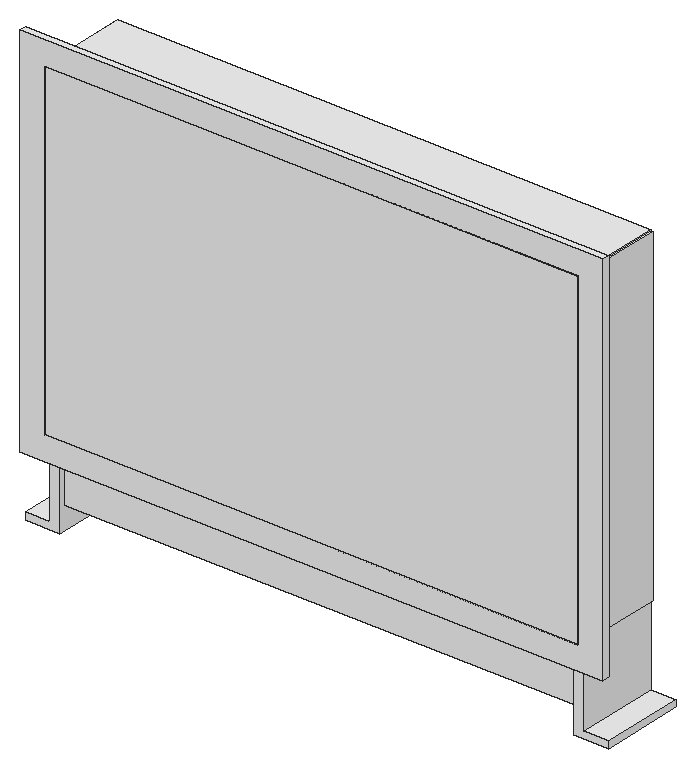
Revit family "1R553FPDB 1031IT_LOW FLOW", category Pipe Accessories, Revit 2018
Family settings
  Round Connector Dimension = Use Diameter
  Part Type = Normal
  OmniClass Number = 23.65.00.00
  OmniClass Title = Supply and Distribution of Liquids and Gases
  Work Plane-Based = No
  Always vertical = Yes
  Cut with Voids When Loaded = No
  Shared = No
Parameters (values of type "R553FPDB251")
  URL = "https://www.giacomini.com/en"
  T = 35 mm
  Product specification = "Pre-assembled modular manifold with dynamic balancing. Connections: 1” x 3/4”E. Consisting of: technopolymer delivery\r\nmanifold with fl ow meters with 0÷2,5 l/min scale and fl uid shut-off function; technopolymer return manifold with dynamic fl ow\r\nbalancing valves (membrane with red color) and manual handwheel pre-arranged for thermo-electric actuators. Multifunction\r\nvalves with drain cock, automatic air vent valve, thermometer and shut-off valve. EPDM gaskets. Galvanised steel brackets for\r\nmanifolds. Fluids: water, glycol solutions (max. 30%). Center distance between outlets: 50 mm. Temperature range: 5÷60 °C.\r\nMax. working pressure: 6 bar (10 bar for system testing). Max. diff erential pressure with thermo-electric actuators installed: 1,5\r\nbar. Flow rate setting range for each individual circuit: 20÷160 l/h. Working diff erential pressure range: 20÷60 kPa.\r\n\r\n"  # constant formula
  P = 450 mm
  O = 190 mm
  N = 179 mm
  Model = "R553FPDB251"
  Metal Door [instance] = yes
  Metal Box [instance] = yes
  Manufacturer = "Giacomini S.p.A."  # constant formula
  Manifold 9 = 438 mm
  Manifold 8 = 388 mm
  Manifold 7 = 338 mm
  Manifold 6 = 288 mm
  Manifold 5 = 238 mm
  Manifold 4 = 188 mm
  Manifold 3 = 138 mm
  Manifold 2 = 88 mm
  Manifold 12 = yes
  Manifold 11 = yes
  Manifold 10 = yes
  Manifold 09 = yes
  Manifold 08 = yes
  Manifold 07 = yes
  Manifold 06 = yes
  Manifold 05 = yes
  Manifold 03 = yes
  Manifold 04 = yes
  Manifold .12 = 538 mm
  Manifold .11 = 538 mm
  Manifold .10 = 488 mm
  M = 50 mm
  Logo [instance] = yes
  L1 = 868 mm
  L = 708 mm
  I = 50 mm
  H2 = 492 mm
  H1 = 562 mm
  H = 406.83 mm
  F = 109 mm
  E = 208 mm
  Description = "Preassembled manifold for HVAC systems"  # constant formula
  D = 95 mm
  Capitolato prodotto = "Collettore premontato modulare con bilanciamento dinamico della portata. Attacchi: G 1”F x 3/4”E. Composto da: un\r\ncollettore di mandata in tecnopolimero, con misuratori di portata con scala 0÷2,5 l/min, con funzione di intercettazione\r\ndel fl uido; un collettore di ritorno in tecnopolimero, con valvole di bilanciamento dinamico della portata con membrana di\r\ncolore rosso e volantino manuale, predisposte per comando elettrotermico; valvole multifunzione con rubinetto di scarico,\r\nvalvola automatica di sfogo aria e valvola di intercettazione a sfera. Guarnizioni in EPDM. Supporti collettori in acciaio zincato.\r\nFluidi di impiego: acqua, soluzioni glicolate (max. 30 %). Interasse tra gli stacchi 50 mm. Campo di temperatura 5÷60 °C.\r\nPressione massima di esercizio: 6 bar. Pressione diff erenziale massima con teste elettrotermiche montate: 1,5 bar. Campo\r\ndi regolazione della portata sul singolo circuito: 20÷160 l/h. Campo di pressione diff erenziale di funzionamento: 20÷60 kPa.\r\n"  # constant formula
  C = 43 mm
  Bracket [instance] = yes
  A = 165 mm
Reference planes
  plane 1 "Center (Front/Back)": y = 0
  plane 2: z = 0
  plane 3 "Center (Left/Right)": x = 0
  plane 4: y = -35
  plane 5: x = 38
  plane 6: z = 277.057
  plane 7: z = 59
  plane 8: x = 63
  plane 9: x = 513
  plane 10: x = 88
  plane 11: x = 138
  plane 12: x = 188
  plane 13: x = 238
  plane 14: x = 288
  plane 15: x = 338
  plane 16: x = 388
  plane 17: x = 438
  plane 18: x = 488
  plane 19: x = 538
  plane 20: y = -86
  plane 21: z = 69.057
  plane 22: z = 145.574
  plane 23: z = 195.574
  plane 24: y = -100
  plane 25: x = 341
  plane 26: x = -170.5
  plane 27: x = 85.25
  plane 28: z = 436.17
  plane 29: z = -55.83
  plane 30: z = 190.17
  plane 31: x = -127
  plane 32: z = -9.83
  plane 33: z = 64.057
  plane 34: x = -127
  plane 35: z = 85.17
  plane 36: x = 174.088
  plane 37: x = 581
Forms (mm)
  Extrusion 1, solid, material "Giacomini Box", visible <- "Metal Door"
    sketch origin (0, 0, 0) x (1, 0, 0) y (0, 0, 1)
      loop
        line (-170.5, 436.17) -> (-170.5, -55.83) -> (623.5, -55.83) -> (623.5, 436.17) -> (-170.5, 436.17)
    from 125 to 135
  Revolve 2, solid, material "Giacomini Gray"
    sketch origin (0, -36.815, 200.625) x (1, 0, 0) y (0, 0, 1)
      loop
        line (21.396, 76.43) -> (21.396, 95.421) -> (19.2, 95.421) -> (17.792, 96.829) -> (1.754, 96.829) -> (0.346, 95.421) -> (-2.5, 95.421) -> (-7.037, 90.884) -> (-37.986, 90.884) -> (-37.986, 76.43) -> (21.396, 76.43)
      axis (-37.986, 76.43) -> (21.396, 76.43)
    angle from 0 to 360
  Revolve 3, solid, material "Giacomini Gray"
    sketch origin (2.5, -54.315, 8.741) x (1, 0, 0) y (0, 0, 1)
      loop
        line (21.396, 76.43) -> (21.396, 95.421) -> (19.2, 95.421) -> (17.792, 96.829) -> (1.754, 96.829) -> (0.346, 95.421) -> (-2.5, 95.421) -> (-7.037, 90.884) -> (-40.486, 90.884) -> (-40.486, 76.43) -> (21.396, 76.43)
      axis (-40.486, 76.43) -> (21.396, 76.43)
    angle from 0 to 360
Dimensions and locks
  "T": plane 1 "Center (Front/Back)" to plane 4
  plane 6 to plane 21 = 208 mm
  "P": plane 8 to plane 9
  plane 10 to plane 5 = 50 mm
  "Manifold 3": plane 11 to plane 3 "Center (Left/Right)"
  "Manifold 4": plane 3 "Center (Left/Right)" to plane 12
  "Manifold 5": plane 3 "Center (Left/Right)" to plane 13
  "Manifold 6": plane 3 "Center (Left/Right)" to plane 14
  "Manifold 7": plane 3 "Center (Left/Right)" to plane 15
  "Manifold 8": plane 3 "Center (Left/Right)" to plane 16
  "Manifold 9": plane 3 "Center (Left/Right)" to plane 17
  "Manifold .10": plane 3 "Center (Left/Right)" to plane 18
  "Manifold .11": plane 3 "Center (Left/Right)" to plane 19
  "Manifold 2": plane 3 "Center (Left/Right)" to plane 10
  "M": plane 23 to plane 22
  nested 2 to plane 23 = 179 mm
  plane 10 to plane 11 = 50 mm
  locked: plane 3 "Center (Left/Right)" to nested 22 at 207.5
  equal spacing: plane 28, plane 30, plane 29
  equal spacing: plane 26, plane 27, plane 25
  "O": plane 31 to plane 8
  "H": nested 2 to plane 32
  "A": plane 5 to plane 31
  plane 8 to plane 25 = 278 mm  (x2)
  plane 8 to nested 24 = 190 mm
  plane 35 to plane 32 = 95 mm
  plane 36 to nested 23 = 301.088 mm
  "L": plane 37 to plane 31
  plane 1 "Center (Front/Back)" to nested 23 = 53.75 mm
  aligned and locked: level to plane 2
  aligned and locked: nested 2 to plane 8
  aligned and locked: plane 5 to nested 1
  aligned and locked: nested 4 to plane 11
  aligned and locked: nested 12 to plane 12
  aligned and locked: nested 5 to plane 12
  aligned and locked: nested 6 to plane 13
  aligned and locked: nested 13 to plane 13
  aligned and locked: nested 7 to plane 14
  aligned and locked: plane 14 to nested 14
  aligned and locked: nested 8 to plane 15
  aligned and locked: nested 15 to plane 15
  aligned and locked: nested 16 to plane 16
  aligned and locked: nested 17 to plane 17
  aligned and locked: nested 10 to plane 18
  aligned and locked: nested 18 to plane 18
  aligned and locked: nested 11 to plane 19
  aligned and locked: nested 19 to plane 19
  aligned and locked: nested 20 to plane 17
  aligned and locked: plane 16 to nested 21
  aligned and locked: Extrusion 1 sketch curve to nested 22  (x2)
  aligned and locked: nested 22 to Extrusion 1 sketch curve  (x2)
  aligned and locked: plane 26 to Extrusion 1
  aligned and locked: Extrusion 1 to plane 28
  aligned and locked: plane 29 to Extrusion 1
  aligned and locked: nested 22 to plane 26
  aligned and locked: Revolve 2 to nested 24
  aligned and locked: plane 5 to nested 9
  aligned and locked: plane 34 to nested 24
  aligned and locked: nested 23 to plane 34
  aligned and locked: plane 22 to nested 2
  aligned and locked: Revolve 3 to nested 23
  aligned and locked: nested 25 to plane 9
  aligned and locked: plane 11 to nested 26
  aligned and locked: plane 37 to nested 27
  aligned and locked: Extrusion 1 to nested 22
  aligned and locked: nested 28 to plane 37
  aligned and locked: plane 1 "Center (Front/Back)" to nested 2
  aligned and locked: plane 10 to nested 29
Automatic sketch dimensions
  plane 6 to Revolve 2 sketch curve = 0.002 mm  (x2)
  Revolve 2 sketch curve to plane 3 "Center (Left/Right)" = 37.986 mm
  Revolve 2 sketch curve to plane 3 "Center (Left/Right)" = 7.037 mm
  Revolve 2 sketch curve to plane 3 "Center (Left/Right)" = 2.5 mm
  plane 3 "Center (Left/Right)" to Revolve 2 sketch curve = 0.346 mm
  plane 3 "Center (Left/Right)" to Revolve 2 sketch curve = 1.754 mm
  Revolve 2 sketch curve to Revolve 2 sketch curve = 16.038 mm
  Revolve 2 sketch curve to Revolve 2 sketch curve = 1.408 mm  (x2)
  Revolve 2 sketch curve to plane 5 = 16.604 mm
  Revolve 2 sketch curve to plane 6 = 14.452 mm
  Revolve 2 sketch curve to plane 6 = 18.99 mm
  Revolve 2 sketch curve to Revolve 2 sketch curve = 4.537 mm
  Revolve 2 sketch curve to Revolve 2 sketch curve = 0 mm
  Revolve 2 sketch curve to Revolve 2 sketch curve = 7.123 mm
  Revolve 3 sketch curve to plane 35 = 0 mm  (x2)
  Revolve 3 sketch curve to plane 3 "Center (Left/Right)" = 0 mm
  Revolve 3 sketch curve to plane 3 "Center (Left/Right)" = 4.537 mm
  Revolve 3 sketch curve to Revolve 3 sketch curve = 33.449 mm
  Revolve 3 sketch curve to Revolve 3 sketch curve = 2.846 mm
  Revolve 3 sketch curve to Revolve 3 sketch curve = 1.408 mm  (x3)
  Revolve 3 sketch curve to Revolve 3 sketch curve = 16.038 mm
  Revolve 3 sketch curve to plane 5 = 14.104 mm
  Revolve 3 sketch curve to plane 35 = 14.454 mm
  Revolve 3 sketch curve to plane 35 = 18.992 mm
  Revolve 3 sketch curve to Revolve 3 sketch curve = 4.537 mm
  Revolve 3 sketch curve to Revolve 3 sketch curve = 2.5 mm
  Revolve 3 sketch curve to plane 5 = 6.98 mm
Nested families
  nested 1: "CAP" at (38, -60.219, 33.631), type "CAP"
  nested 2: "Bracket" at (63, 0, 18), visible <- "Bracket", type "Bracket"
  nested 3: "CAP" at (88, -60.219, 33.631), type "CAP"
  nested 4: "Inlet Regulator" at (138, -35, 215.298), visible <- "Manifold 03", type "Inlet Regulator"
  nested 5: "Inlet Regulator" at (188, -35, 215.298), visible <- "Manifold 04", type "Inlet Regulator"
  nested 6: "Inlet Regulator" at (238, -35, 215.298), visible <- "Manifold 05", type "Inlet Regulator"
  nested 7: "Inlet Regulator" at (288, -35, 215.298), visible <- "Manifold 06", type "Inlet Regulator"
  nested 8: "Inlet Regulator" at (338, -35, 215.298), visible <- "Manifold 07", type "Inlet Regulator"
  nested 9: "Inlet Regulator" at (38, -35, 215.298), type "Inlet Regulator"
  nested 10: "Inlet Regulator" at (488, -35, 215.298), visible <- "Manifold 10", type "Inlet Regulator"
  nested 11: "Inlet Regulator" at (538, -35, 215.298), visible <- "Manifold 11", type "Inlet Regulator"
  nested 12: "CAP" at (188, -60.219, 33.631), visible <- "Manifold 04", type "CAP"
  nested 13: "CAP" at (238, -60.219, 33.631), visible <- "Manifold 05", type "CAP"
  nested 14: "CAP" at (288, -60.219, 33.631), visible <- "Manifold 06", type "CAP"
  nested 15: "CAP" at (338, -60.219, 33.631), visible <- "Manifold 07", type "CAP"
  nested 16: "CAP" at (388, -60.219, 33.631), visible <- "Manifold 08", type "CAP"
  nested 17: "CAP" at (438, -60.219, 33.631), visible <- "Manifold 09", type "CAP"
  nested 18: "CAP" at (488, -60.219, 33.631), visible <- "Manifold 10", type "CAP"
  nested 19: "CAP" at (538, -60.219, 33.631), visible <- "Manifold 12", type "CAP"
  nested 20: "Inlet Regulator" at (438, -35, 215.298), visible <- "Manifold 09", type "Inlet Regulator"
  nested 21: "Inlet Regulator" at (388, -35, 215.298), visible <- "Manifold 08", type "Inlet Regulator"
  nested 22: "METAL FRAME" at (226.5, -90, -90.83), H1 <- "H1", H2 <- "H2", L1 <- "L1", visible <- "Metal Box", type "METAL FRAME"
    with S1 37 mm, L1 868 mm, H2 492 mm, H1 562 mm
  nested 23: "cold water ball valve" at (-127, -53.75, 60.17) x (0, 1, 0) z (0, 0, 1), type "cold water ball valve"
    with Cold water Valve yes
  nested 24: "Hot water ball valve" at (-127, -35, 252.057) x (0, 1, 0) z (0, 0, 1), type "Hot Water ball valve"
  nested 25: "Bracket" at (513, 0, 18), visible <- "Bracket", type "Bracket"
  nested 26: "CAP" at (138, -60.219, 33.631), visible <- "Manifold 03", type "CAP"
  nested 27: "last regulator" at (538.479, -35, 215.298), visible <- "Manifold 12", type "last regulator"
  nested 28: "CAP Last " at (537.889, -60.219, 33.631), visible <- "Manifold 12", type "CAP Last "
  nested 29: "Inlet Regulator" at (88, -35, 215.298), type "Inlet Regulator"
  nested 30: "Giacomini Logo" at (-127, -56.45, 58.75) x (0, 1, 0) z (0, 0, 1), visible <- "Logo", type "Hot Water ball valve"
    with Material Giacomini Brass
  nested 31: "Giacomini Logo" at (-126.936, -37.146, 252.5) x (0, 1, 0) z (0, 0, 1), visible <- "Logo", type "Hot Water ball valve"
    with Material Giacomini Brass
Connectors
  piping at (38, -60.219, 45.673), diameter 19.1
    settings: on nested 1, index 1, connector inside diameter 609.6 mm, connector length 0 mm, flow factor 0, pipe flow 0.0 m³/h, pressure drop 0.0 Pa, fitting loss kfactor 0, connector angle 0.00°, fixture units 0, engagement length 0 mm, angle of deflection 0.00°, flow configuration 0, flow direction 0, fitting loss method 0, system type 29, joint type 0, gender type 0, connector reference index -1, connector utility 0, adjustable connector no, is connector primary yes, connector description ""
  piping at (88, -60.219, 45.673), diameter 19.1
    settings: on nested 3, index 2, connector inside diameter 609.6 mm, connector length 0 mm, flow factor 0, pipe flow 0.0 m³/h, pressure drop 0.0 Pa, fitting loss kfactor 0, connector angle 0.00°, fixture units 0, engagement length 0 mm, angle of deflection 0.00°, flow configuration 0, flow direction 0, fitting loss method 0, system type 29, joint type 0, gender type 0, connector reference index -1, connector utility 0, adjustable connector no, is connector primary no, connector description ""
  piping at (188, -60.219, 45.673), diameter 19.1
    settings: on nested 12, index 4, connector inside diameter 609.6 mm, connector length 0 mm, flow factor 0, pipe flow 0.0 m³/h, pressure drop 0.0 Pa, fitting loss kfactor 0, connector angle 0.00°, fixture units 0, engagement length 0 mm, angle of deflection 0.00°, flow configuration 0, flow direction 0, fitting loss method 0, system type 29, joint type 0, gender type 0, connector reference index -1, connector utility 0, adjustable connector no, is connector primary no, connector description ""
  piping at (238, -60.219, 45.673), diameter 19.1
    settings: on nested 13, index 5, connector inside diameter 609.6 mm, connector length 0 mm, flow factor 0, pipe flow 0.0 m³/h, pressure drop 0.0 Pa, fitting loss kfactor 0, connector angle 0.00°, fixture units 0, engagement length 0 mm, angle of deflection 0.00°, flow configuration 0, flow direction 0, fitting loss method 0, system type 29, joint type 0, gender type 0, connector reference index -1, connector utility 0, adjustable connector no, is connector primary no, connector description ""
  piping at (288, -60.219, 45.673), diameter 19.1
    settings: on nested 14, index 6, connector inside diameter 609.6 mm, connector length 0 mm, flow factor 0, pipe flow 0.0 m³/h, pressure drop 0.0 Pa, fitting loss kfactor 0, connector angle 0.00°, fixture units 0, engagement length 0 mm, angle of deflection 0.00°, flow configuration 0, flow direction 0, fitting loss method 0, system type 29, joint type 0, gender type 0, connector reference index -1, connector utility 0, adjustable connector no, is connector primary no, connector description ""
  piping at (338, -60.219, 45.673), diameter 19.1
    settings: on nested 15, index 7, connector inside diameter 609.6 mm, connector length 0 mm, flow factor 0, pipe flow 0.0 m³/h, pressure drop 0.0 Pa, fitting loss kfactor 0, connector angle 0.00°, fixture units 0, engagement length 0 mm, angle of deflection 0.00°, flow configuration 0, flow direction 0, fitting loss method 0, system type 29, joint type 0, gender type 0, connector reference index -1, connector utility 0, adjustable connector no, is connector primary no, connector description ""
  piping at (388, -60.219, 45.673), diameter 19.1
    settings: on nested 16, index 8, connector inside diameter 609.6 mm, connector length 0 mm, flow factor 0, pipe flow 0.0 m³/h, pressure drop 0.0 Pa, fitting loss kfactor 0, connector angle 0.00°, fixture units 0, engagement length 0 mm, angle of deflection 0.00°, flow configuration 0, flow direction 0, fitting loss method 0, system type 29, joint type 0, gender type 0, connector reference index -1, connector utility 0, adjustable connector no, is connector primary no, connector description ""
  piping at (438, -60.219, 45.673), diameter 19.1
    settings: on nested 17, index 9, connector inside diameter 609.6 mm, connector length 0 mm, flow factor 0, pipe flow 0.0 m³/h, pressure drop 0.0 Pa, fitting loss kfactor 0, connector angle 0.00°, fixture units 0, engagement length 0 mm, angle of deflection 0.00°, flow configuration 0, flow direction 0, fitting loss method 0, system type 29, joint type 0, gender type 0, connector reference index -1, connector utility 0, adjustable connector no, is connector primary no, connector description ""
  piping at (488, -60.219, 45.673), diameter 19.1
    settings: on nested 18, index 10, connector inside diameter 609.6 mm, connector length 0 mm, flow factor 0, pipe flow 0.0 m³/h, pressure drop 0.0 Pa, fitting loss kfactor 0, connector angle 0.00°, fixture units 0, engagement length 0 mm, angle of deflection 0.00°, flow configuration 0, flow direction 0, fitting loss method 0, system type 29, joint type 0, gender type 0, connector reference index -1, connector utility 0, adjustable connector no, is connector primary no, connector description ""
  piping at (538, -60.219, 45.673), diameter 19.1
    settings: on nested 19, index 11, connector inside diameter 609.6 mm, connector length 0 mm, flow factor 0, pipe flow 0.0 m³/h, pressure drop 0.0 Pa, fitting loss kfactor 0, connector angle 0.00°, fixture units 0, engagement length 0 mm, angle of deflection 0.00°, flow configuration 0, flow direction 0, fitting loss method 0, system type 29, joint type 0, gender type 0, connector reference index -1, connector utility 0, adjustable connector no, is connector primary no, connector description ""
  piping at (138, -34.991, 232.597), diameter 19.1
    settings: on nested 4, index 15, connector inside diameter 609.6 mm, connector length 0 mm, flow factor 0, pipe flow 0.0 m³/h, pressure drop 0.0 Pa, fitting loss kfactor 0, connector angle 0.00°, fixture units 0, engagement length 0 mm, angle of deflection 0.00°, flow configuration 0, flow direction 0, fitting loss method 0, system type 29, joint type 0, gender type 0, connector reference index -1, connector utility 0, adjustable connector no, is connector primary no, connector description ""
  piping at (188, -34.991, 232.597), diameter 19.1
    settings: on nested 5, index 16, connector inside diameter 609.6 mm, connector length 0 mm, flow factor 0, pipe flow 0.0 m³/h, pressure drop 0.0 Pa, fitting loss kfactor 0, connector angle 0.00°, fixture units 0, engagement length 0 mm, angle of deflection 0.00°, flow configuration 0, flow direction 0, fitting loss method 0, system type 29, joint type 0, gender type 0, connector reference index -1, connector utility 0, adjustable connector no, is connector primary no, connector description ""
  piping at (238, -34.991, 232.597), diameter 19.1
    settings: on nested 6, index 17, connector inside diameter 609.6 mm, connector length 0 mm, flow factor 0, pipe flow 0.0 m³/h, pressure drop 0.0 Pa, fitting loss kfactor 0, connector angle 0.00°, fixture units 0, engagement length 0 mm, angle of deflection 0.00°, flow configuration 0, flow direction 0, fitting loss method 0, system type 29, joint type 0, gender type 0, connector reference index -1, connector utility 0, adjustable connector no, is connector primary no, connector description ""
  piping at (288, -34.991, 232.597), diameter 19.1
    settings: on nested 7, index 18, connector inside diameter 609.6 mm, connector length 0 mm, flow factor 0, pipe flow 0.0 m³/h, pressure drop 0.0 Pa, fitting loss kfactor 0, connector angle 0.00°, fixture units 0, engagement length 0 mm, angle of deflection 0.00°, flow configuration 0, flow direction 0, fitting loss method 0, system type 29, joint type 0, gender type 0, connector reference index -1, connector utility 0, adjustable connector no, is connector primary no, connector description ""
  piping at (338, -34.991, 232.597), diameter 19.1
    settings: on nested 8, index 19, connector inside diameter 609.6 mm, connector length 0 mm, flow factor 0, pipe flow 0.0 m³/h, pressure drop 0.0 Pa, fitting loss kfactor 0, connector angle 0.00°, fixture units 0, engagement length 0 mm, angle of deflection 0.00°, flow configuration 0, flow direction 0, fitting loss method 0, system type 29, joint type 0, gender type 0, connector reference index -1, connector utility 0, adjustable connector no, is connector primary no, connector description ""
  piping at (38, -34.991, 232.597), diameter 19.1
    settings: on nested 9, index 20, connector inside diameter 609.6 mm, connector length 0 mm, flow factor 0, pipe flow 0.0 m³/h, pressure drop 0.0 Pa, fitting loss kfactor 0, connector angle 0.00°, fixture units 0, engagement length 0 mm, angle of deflection 0.00°, flow configuration 0, flow direction 0, fitting loss method 0, system type 29, joint type 0, gender type 0, connector reference index -1, connector utility 0, adjustable connector no, is connector primary no, connector description ""
  piping at (488, -34.991, 232.597), diameter 19.1
    settings: on nested 10, index 22, connector inside diameter 609.6 mm, connector length 0 mm, flow factor 0, pipe flow 0.0 m³/h, pressure drop 0.0 Pa, fitting loss kfactor 0, connector angle 0.00°, fixture units 0, engagement length 0 mm, angle of deflection 0.00°, flow configuration 0, flow direction 0, fitting loss method 0, system type 29, joint type 0, gender type 0, connector reference index -1, connector utility 0, adjustable connector no, is connector primary no, connector description ""
  piping at (538, -34.991, 232.597), diameter 19.1
    settings: on nested 11, index 23, connector inside diameter 609.6 mm, connector length 0 mm, flow factor 0, pipe flow 0.0 m³/h, pressure drop 0.0 Pa, fitting loss kfactor 0, connector angle 0.00°, fixture units 0, engagement length 0 mm, angle of deflection 0.00°, flow configuration 0, flow direction 0, fitting loss method 0, system type 29, joint type 0, gender type 0, connector reference index -1, connector utility 0, adjustable connector no, is connector primary no, connector description ""
  piping at (388, -34.991, 232.597), diameter 19.1
    settings: on nested 21, index 25, connector inside diameter 609.6 mm, connector length 0 mm, flow factor 0, pipe flow 0.0 m³/h, pressure drop 0.0 Pa, fitting loss kfactor 0, connector angle 0.00°, fixture units 0, engagement length 0 mm, angle of deflection 0.00°, flow configuration 0, flow direction 0, fitting loss method 0, system type 29, joint type 0, gender type 0, connector reference index -1, connector utility 0, adjustable connector no, is connector primary no, connector description ""
  piping at (438, -34.991, 232.597), diameter 19.1
    settings: on nested 20, index 26, connector inside diameter 609.6 mm, connector length 0 mm, flow factor 0, pipe flow 0.0 m³/h, pressure drop 0.0 Pa, fitting loss kfactor 0, connector angle 0.00°, fixture units 0, engagement length 0 mm, angle of deflection 0.00°, flow configuration 0, flow direction 0, fitting loss method 0, system type 29, joint type 0, gender type 0, connector reference index -1, connector utility 0, adjustable connector no, is connector primary no, connector description ""
  piping at (138, -60.219, 45.673), diameter 19.1
    settings: on nested 26, index 27, connector inside diameter 609.6 mm, connector length 0 mm, flow factor 0, pipe flow 0.0 m³/h, pressure drop 0.0 Pa, fitting loss kfactor 0, connector angle 0.00°, fixture units 0, engagement length 0 mm, angle of deflection 0.00°, flow configuration 0, flow direction 0, fitting loss method 0, system type 29, joint type 0, gender type 0, connector reference index -1, connector utility 0, adjustable connector no, is connector primary no, connector description ""
  piping at (538.479, -34.991, 232.597), diameter 19.1
    settings: on nested 27, index 29, connector inside diameter 609.6 mm, connector length 0 mm, flow factor 0, pipe flow 0.0 m³/h, pressure drop 0.0 Pa, fitting loss kfactor 0, connector angle 0.00°, fixture units 0, engagement length 0 mm, angle of deflection 0.00°, flow configuration 0, flow direction 0, fitting loss method 0, system type 29, joint type 0, gender type 0, connector reference index -1, connector utility 0, adjustable connector no, is connector primary no, connector description ""
  piping at (537.889, -60.219, 45.673), diameter 19.1
    settings: on nested 28, index 30, connector inside diameter 609.6 mm, connector length 0 mm, flow factor 0, pipe flow 0.0 m³/h, pressure drop 0.0 Pa, fitting loss kfactor 0, connector angle 0.00°, fixture units 0, engagement length 0 mm, angle of deflection 0.00°, flow configuration 0, flow direction 0, fitting loss method 0, system type 29, joint type 0, gender type 0, connector reference index -1, connector utility 0, adjustable connector no, is connector primary no, connector description ""
  piping at (88, -34.991, 232.597), diameter 19.1
    settings: on nested 29, index 31, connector inside diameter 609.6 mm, connector length 0 mm, flow factor 0, pipe flow 0.0 m³/h, pressure drop 0.0 Pa, fitting loss kfactor 0, connector angle 0.00°, fixture units 0, engagement length 0 mm, angle of deflection 0.00°, flow configuration 0, flow direction 0, fitting loss method 0, system type 29, joint type 0, gender type 0, connector reference index -1, connector utility 0, adjustable connector no, is connector primary no, connector description ""
  piping at (-127, -35, 277.057), diameter 25.4
    settings: on nested 24, index 32, connector inside diameter 609.6 mm, connector length 0 mm, flow factor 0, pipe flow 0.0 m³/h, pressure drop 0.0 Pa, fitting loss kfactor 0, connector angle 0.00°, fixture units 0, engagement length 0 mm, angle of deflection 0.00°, flow configuration 0, flow direction 1, fitting loss method 0, system type 7, joint type 0, gender type 0, connector reference index -1, connector utility 0, adjustable connector no, is connector primary no, connector description ""
  piping at (-127, -53.75, 85.17), diameter 25.4
    settings: on nested 23, index 33, connector inside diameter 609.6 mm, connector length 0 mm, flow factor 0, pipe flow 0.0 m³/h, pressure drop 0.0 Pa, fitting loss kfactor 0, connector angle 0.00°, fixture units 0, engagement length 0 mm, angle of deflection 0.00°, flow configuration 0, flow direction 2, fitting loss method 0, system type 8, joint type 0, gender type 0, connector reference index -1, connector utility 0, adjustable connector no, is connector primary no, connector description ""
Definition of nested family "CAP"
  Reference planes
    plane 1 "Center (Front/Back)": y = 0
    plane 2: z = 0
    plane 3 "Center (Left/Right)": x = 0
    plane 4: y = -18.487
    plane 5: y = 18.365
    plane 6: y = 0
    plane 7: x = 50
    plane 8: z = 12.042
    plane 9: z = 91.037
    plane 10: z = 51.54
  Forms (mm)
    Extrusion 1, solid
      sketch origin (-0.186, 0, 9.763) x (1, 0, 0) y (0, 1, 0)
        loop
          line (14, 0) -> (7, 12.124) -> (-7, 12.124) -> (-14, 0) -> (-7, -12.124) -> (7, -12.124) -> (14, 0)
        loop
          circle (0, 0) r 10
      from 14.741 to 21.458
    Revolve 2, solid
      sketch origin (0, -0.255, 14.816) x (0, 1, 0) y (0, 0, 1)
        loop
          line (-10.111, 5.44) -> (-11.69, 3.861) -> (-10.742, 2.913) -> (-11.69, 1.965) -> (-10.742, 1.017) -> (-11.69, 0.07) -> (-10.742, -0.878) -> (-11.69, -1.826) -> (-10.742, -2.774) -> (-8.739, -2.774) -> (-8.739, 9.688) -> (-10.111, 9.688) -> (-10.111, 5.44)
        axis (0.255, 9.688) -> (0.255, -2.774)
      angle from 0 to 360
    Extrusion 3, solid
      sketch origin (0, 0, 0.403) x (1, 0, 0) y (0, 1, 0)
        loop
          line (14.104, 8.143) -> (0, 16.286) -> (-14.104, 8.143) -> (-14.104, -8.143) -> (0, -16.286) -> (14.104, -8.143) -> (14.104, 8.143)
        loop
          circle (0, 0) r 13.143
      from 69.435 to 69.99
    Revolve 4, solid
      sketch origin (0, 0, 0) x (1, 0, 0) y (0, 0, 1)
        loop
          line (0, 69.838) -> (-14.186, 69.838) -> (-14.186, 31.222) -> (0, 31.222) -> (0, 69.838)
        axis (0, 69.838) -> (0, 31.222)
      angle from 0 to 360
    Revolve 5, solid
      sketch origin (0, 0, -1.25) x (1, 0, 0) y (0, 0, 1)
        loop
          line (14.116, 51.54) -> (36.088, 51.54) -> (36.088, 69.735) -> (33.471, 71.246) -> (16.733, 71.246) -> (14.116, 69.735) -> (14.116, 51.54)
        axis (14.116, 51.54) -> (36.088, 51.54)
      angle from 0 to 360
    Extrusion 6, solid
      sketch origin (0, 0, 0) x (1, 0, 0) y (0, 1, 0)
        loop
          arc (-1.222, 15.953) -> (-6.252, 14.728) -> (-10.627, 11.961) r 16
          arc (-10.627, 11.961) -> (-12.355, 11.931) -> (-12.325, 10.203) r 1.222
          arc (-12.325, 10.203) -> (-14.835, 5.994) -> (-15.953, 1.222) r 16
          arc (-15.953, 1.222) -> (-17.176, 0) -> (-15.953, -1.222) r 1.222
          arc (-15.953, -1.222) -> (-14.835, -5.994) -> (-12.325, -10.203) r 16
          arc (-12.325, -10.203) -> (-12.355, -11.931) -> (-10.627, -11.961) r 1.222
          arc (-10.627, -11.961) -> (-6.252, -14.728) -> (-1.222, -15.953) r 16
          arc (-1.222, -15.953) -> (0, -17.176) -> (1.222, -15.953) r 1.222
          arc (1.222, -15.953) -> (6.252, -14.728) -> (10.627, -11.961) r 16
          arc (10.627, -11.961) -> (12.355, -11.931) -> (12.325, -10.203) r 1.222
          arc (12.325, -10.203) -> (14.835, -5.994) -> (15.953, -1.222) r 16
          arc (15.953, -1.222) -> (17.176, 0) -> (15.953, 1.222) r 1.222
          arc (15.953, 1.222) -> (14.835, 5.994) -> (12.325, 10.203) r 16
          arc (12.325, 10.203) -> (12.355, 11.931) -> (10.627, 11.961) r 1.222
          arc (10.627, 11.961) -> (6.252, 14.728) -> (1.222, 15.953) r 16
          arc (1.222, 15.953) -> (0, 17.176) -> (-1.222, 15.953) r 1.222
      from 70.393 to 91.037
  Dimensions and locks
    plane 9 to plane 8 = 78.994 mm
    equal spacing: plane 9, plane 10, plane 8
    aligned and locked: level to plane 2
  Automatic sketch dimensions
    plane 1 "Center (Front/Back)" to Extrusion 1 sketch curve = 0 mm  (x3)
    Extrusion 1 sketch curve to plane 3 "Center (Left/Right)" = 14.186 mm
    Extrusion 1 sketch curve to plane 3 "Center (Left/Right)" = 7.186 mm  (x2)
    Extrusion 1 sketch curve to plane 3 "Center (Left/Right)" = 0.186 mm
    plane 3 "Center (Left/Right)" to Extrusion 1 sketch curve = 6.814 mm  (x2)
    plane 3 "Center (Left/Right)" to Extrusion 1 sketch curve = 13.814 mm
    plane 4 to Extrusion 1 sketch curve = 6.363 mm
    Extrusion 1 sketch curve to plane 5 = 6.24 mm
    plane 8 to Revolve 2 sketch curve = 0 mm
    Revolve 2 sketch curve to plane 1 "Center (Front/Back)" = 0 mm
    plane 1 "Center (Front/Back)" to Revolve 2 sketch curve = 8.993 mm
    Revolve 2 sketch curve to Revolve 2 sketch curve = 1.372 mm
    Revolve 2 sketch curve to Revolve 2 sketch curve = 2.004 mm
    Revolve 2 sketch curve to plane 8 = 1.896 mm
    Revolve 2 sketch curve to Revolve 2 sketch curve = 0 mm  (x2)
    Revolve 2 sketch curve to Revolve 2 sketch curve = 0.632 mm
    Revolve 2 sketch curve to plane 8 = 4.739 mm
    Revolve 2 sketch curve to Revolve 2 sketch curve = 0.948 mm  (x2)
    Revolve 2 sketch curve to plane 8 = 2.843 mm
    Revolve 2 sketch curve to Revolve 2 sketch curve = 4.248 mm
    plane 8 to Revolve 2 sketch curve = 2.279 mm
    Revolve 2 sketch curve to Revolve 2 sketch curve = 1.125 mm
    Extrusion 3 sketch curve to plane 3 "Center (Left/Right)" = 0 mm  (x3)
    plane 1 "Center (Front/Back)" to Extrusion 3 sketch curve = 0 mm
    Extrusion 3 sketch curve to plane 3 "Center (Left/Right)" = 14.104 mm
    plane 3 "Center (Left/Right)" to Extrusion 3 sketch curve = 14.104 mm
    plane 1 "Center (Front/Back)" to Extrusion 3 sketch curve = 8.143 mm  (x2)
    plane 4 to Extrusion 3 sketch curve = 2.202 mm
    Extrusion 3 sketch curve to plane 1 "Center (Front/Back)" = 8.143 mm  (x2)
    Extrusion 3 sketch curve to plane 5 = 2.079 mm
    Revolve 4 sketch curve to plane 3 "Center (Left/Right)" = 0 mm  (x2)
    Revolve 4 sketch curve to plane 3 "Center (Left/Right)" = 14.186 mm
    plane 10 to Revolve 4 sketch curve = 20.318 mm
    Revolve 4 sketch curve to plane 10 = 18.298 mm
    level to Revolve 4 sketch curve = 5.869 mm
    Revolve 4 sketch curve to Revolve 4 sketch curve = 1.888 mm
    plane 10 to Revolve 5 sketch curve = 1.25 mm  (x2)
    plane 3 "Center (Left/Right)" to Revolve 5 sketch curve = 14.116 mm
    Revolve 5 sketch curve to Revolve 5 sketch curve = 2.617 mm  (x2)
    Revolve 5 sketch curve to plane 7 = 16.529 mm
    Revolve 5 sketch curve to plane 10 = 16.945 mm  (x2)
    Revolve 5 sketch curve to Revolve 5 sketch curve = 1.511 mm
    plane 3 "Center (Left/Right)" to Revolve 5 sketch curve = 7.026 mm
    Revolve 5 sketch curve to Revolve 5 sketch curve = 2.802 mm
    Extrusion 6 sketch curve to Extrusion 6 sketch curve = 0 mm  (x56)
    plane 1 "Center (Front/Back)" to Extrusion 6 sketch curve = 0 mm  (x3)
    Extrusion 6 sketch curve to plane 3 "Center (Left/Right)" = 0 mm  (x3)
    Extrusion 6 sketch curve to plane 5 = 7.282 mm  (x2)
    Extrusion 6 sketch curve to plane 3 "Center (Left/Right)" = 11.476 mm  (x2)
    plane 4 to Extrusion 6 sketch curve = 7.405 mm  (x2)
    Extrusion 6 sketch curve to Extrusion 6 sketch curve = 4.477 mm  (x2)
    plane 3 "Center (Left/Right)" to Extrusion 6 sketch curve = 11.476 mm  (x2)
    plane 4 to Extrusion 6 sketch curve = 2.534 mm
    Extrusion 6 sketch curve to plane 5 = 2.411 mm
    Extrusion 6 sketch curve to plane 3 "Center (Left/Right)" = 1.222 mm
    Extrusion 6 sketch curve to Extrusion 6 sketch curve = 1.222 mm
    Extrusion 6 sketch curve to Extrusion 6 sketch curve = 0.849 mm  (x6)
    radius of Extrusion 1 sketch curve = 10 mm
    radius of Extrusion 3 sketch curve = 13.143 mm
Definition of nested family "Bracket"
  Reference planes
    plane 1 "Center (Front/Back)": y = 0
    plane 2: z = 0
    plane 3 "Center (Left/Right)": x = 0
    plane 4: x = 10
    plane 5: x = -10
    plane 6: z = 14.576
    plane 7: y = -224.207
    plane 8: y = -224.207
    plane 9: y = -224.207
    plane 10: z = 356.574
    plane 11: z = 177.574
    plane 12: z = 127.574
    plane 13: z = 269
    plane 14: y = -98.5
    plane 15: z = 95
    plane 16: z = 379
    plane 17: z = 379
  Forms (mm)
    Extrusion 1, solid
      sketch origin (0, 0, 0) x (0, -1, 0) y (0, 0, -1)
        loop
          line (0, -379) -> (5, -379) -> (5, -342.42)
          arc (5, -342.42) -> (5.187, -340.71) -> (5.741, -339.081) r 7.894
          line (5.741, -339.081) -> (12.741, -324.087)
          arc (12.741, -324.087) -> (14.257, -319.411) -> (14.587, -314.507) r 20
          line (14.587, -314.507) -> (5.694, -216.278)
          arc (5.694, -216.278) -> (5.174, -206.823) -> (5, -197.356) r 258.289
          line (5, -197.356) -> (5, -107.74)
          arc (5, -107.74) -> (5.474, -105.358) -> (6.823, -103.338) r 6.225
          line (6.823, -103.338) -> (18.876, -91.285)
          arc (18.876, -91.285) -> (22.267, -86.211) -> (23.457, -80.226) r 15.64
          line (23.457, -80.226) -> (23.457, -22.504)
          arc (23.457, -22.504) -> (22.16, -15.98) -> (18.464, -10.449) r 17.049
          line (18.464, -10.449) -> (5.896, 2.119)
          arc (5.896, 2.119) -> (5.233, 3.111) -> (5, 4.282) r 3.06
          line (5, 4.282) -> (5, 12.5) -> (0, 12.5) -> (0, 4.282)
          arc (0, 4.282) -> (0.613, 1.198) -> (2.361, -1.417) r 8.06
          line (2.361, -1.417) -> (14.928, -13.985)
          arc (14.928, -13.985) -> (17.54, -17.894) -> (18.457, -22.504) r 12.049
          line (18.457, -22.504) -> (18.457, -80.226)
          arc (18.457, -80.226) -> (17.647, -84.298) -> (15.341, -87.75) r 10.64
          line (15.341, -87.75) -> (3.288, -99.803)
          arc (3.288, -99.803) -> (0.854, -103.445) -> (0, -107.74) r 11.225
          line (0, -107.74) -> (0, -197.356)
          arc (0, -197.356) -> (0.177, -207.006) -> (0.707, -216.644) r 263.289
          line (0.707, -216.644) -> (9.578, -314.528)
          arc (9.578, -314.528) -> (9.372, -318.338) -> (8.211, -321.972) r 15
          line (8.211, -321.972) -> (1.21, -336.966)
          arc (1.21, -336.966) -> (0.306, -339.627) -> (0, -342.42) r 12.894
          line (0, -342.42) -> (0, -379)
      from -10 to 10
    Extrusion 2, void
      sketch origin (0, 0, -3.594) x (1, 0, 0) y (0, 0, 1)
        loop
          arc (-10, 379.876) -> (-8.772, 381.447) -> (-7.078, 382.5) r 5.706
          line (-7.078, 382.5) -> (-10, 382.5) -> (-10, 379.876)
      from 5 to 0
    Extrusion 3, void
      sketch origin (0, 0, -3.594) x (-1, 0, 0) y (0, 0, -1)
        loop
          line (-10, -379.876) -> (-10, -382.5) -> (-7.078, -382.5)
          arc (-7.078, -382.5) -> (-8.772, -381.447) -> (-10, -379.876) r 5.706
      from 5 to 0
    Extrusion 4, void
      sketch origin (0, 0, 0) x (1, 0, 0) y (0, 0, 1)
        loop
          circle (0, 356.574) r 7.024
        loop
          circle (0, 177.574) r 7.003
        loop
          circle (0, 127.574) r 7
      from 5 to 0
    Extrusion 5, solid
      sketch origin (0, 0.625, 27.344) x (0, 1, 0) y (0, 0, 1)
        loop
          line (-10.648, 66.266) -> (-10.648, 63.839)
          arc (-10.648, 63.839) -> (-11.234, 62.425) -> (-12.648, 61.839) r 2
          line (-12.648, 61.839) -> (-73.031, 61.839)
          arc (-73.031, 61.839) -> (-76.264, 61.048) -> (-78.766, 58.854) r 7
          line (-78.766, 58.854) -> (-82.391, 53.676)
          arc (-82.391, 53.676) -> (-83.488, 52.714) -> (-84.905, 52.367) r 3.068
          line (-84.905, 52.367) -> (-99.125, 52.367) -> (-99.125, 50.367) -> (-84.905, 50.367)
          arc (-84.905, 50.367) -> (-82.564, 50.94) -> (-80.753, 52.529) r 5.068
          line (-80.753, 52.529) -> (-77.127, 57.707)
          arc (-77.127, 57.707) -> (-75.34, 59.274) -> (-73.031, 59.839) r 5
          line (-73.031, 59.839) -> (-12.648, 59.839)
          arc (-12.648, 59.839) -> (-9.82, 61.01) -> (-8.648, 63.839) r 4
          line (-8.648, 63.839) -> (-8.648, 66.266) -> (-10.648, 66.266)
      from 3.959 to -4.176
    Extrusion 6, solid
      sketch origin (0, 0, 102.178) x (0, 1, 0) y (0, 0, 1)
        loop
          arc (-19.836, -61.839) -> (-17.007, -60.667) -> (-15.836, -57.839) r 4
          line (-15.836, -57.839) -> (-15.836, -56.401) -> (-17.836, -56.401) -> (-17.836, -57.839)
          arc (-17.836, -57.839) -> (-18.422, -59.253) -> (-19.836, -59.839) r 2
          line (-19.836, -59.839) -> (-69.281, -59.839)
          arc (-69.281, -59.839) -> (-71.59, -59.274) -> (-73.377, -57.707) r 5
          line (-73.377, -57.707) -> (-77.003, -52.529)
          arc (-77.003, -52.529) -> (-78.814, -50.94) -> (-81.155, -50.367) r 5.068
          line (-81.155, -50.367) -> (-98.5, -50.367) -> (-98.5, -52.367) -> (-81.155, -52.367)
          arc (-81.155, -52.367) -> (-79.738, -52.714) -> (-78.641, -53.676) r 3.068
          line (-78.641, -53.676) -> (-75.016, -58.854)
          arc (-75.016, -58.854) -> (-72.514, -61.048) -> (-69.281, -61.839) r 7
          line (-69.281, -61.839) -> (-19.836, -61.839)
      from 3.959 to -4.176
    Extrusion 7, solid
      sketch origin (0, 18.638, 228.673) x (0, 0.992546, 0.121869) y (0, -0.121869, 0.992546)
        loop
          line (-18.91, 63.324) -> (-84.036, 63.324)
          arc (-84.036, 63.324) -> (-87.268, 62.533) -> (-89.77, 60.339) r 7
          line (-89.77, 60.339) -> (-92.196, 56.875)
          arc (-92.196, 56.875) -> (-93.292, 55.913) -> (-94.709, 55.566) r 3.068
          line (-94.709, 55.566) -> (-108.112, 55.566) -> (-108.112, 53.566) -> (-94.709, 53.566)
          arc (-94.709, 53.566) -> (-92.369, 54.139) -> (-90.557, 55.728) r 5.068
          line (-90.557, 55.728) -> (-88.185, 59.116)
          arc (-88.185, 59.116) -> (-86.398, 60.683) -> (-84.089, 61.248) r 5
          line (-84.089, 61.248) -> (-18.29, 61.248)
          arc (-18.29, 61.248) -> (-15.461, 62.419) -> (-14.29, 65.248) r 4
          line (-14.29, 65.248) -> (-16.91, 65.291)
          arc (-16.91, 65.291) -> (-17.508, 63.898) -> (-18.91, 63.324) r 2
      from 3.959 to -4.176
    Extrusion 8, solid
      sketch origin (0, 4.611, 308.506) x (0, 0.984844, 0.17344) y (0, -0.17344, 0.984844)
        loop
          arc (-18.139, -61.156) -> (-16.183, -60.431) -> (-15.173, -58.606) r 3
          line (-15.173, -58.606) -> (-15.046, -57.769) -> (-17.028, -57.468) -> (-17.15, -58.274)
          arc (-17.15, -58.274) -> (-17.381, -58.777) -> (-17.845, -59.08) r 1
          line (-17.845, -59.08) -> (-82.926, -59.08)
          arc (-82.926, -59.08) -> (-85.235, -58.515) -> (-87.022, -56.948) r 5
          line (-87.022, -56.948) -> (-90.461, -52.036)
          arc (-90.461, -52.036) -> (-92.272, -50.448) -> (-94.613, -49.875) r 5.068
          line (-94.613, -49.875) -> (-108.015, -49.875) -> (-108.015, -51.875) -> (-94.613, -51.875)
          arc (-94.613, -51.875) -> (-93.196, -52.222) -> (-92.099, -53.183) r 3.068
          line (-92.099, -53.183) -> (-88.607, -58.171)
          arc (-88.607, -58.171) -> (-86.105, -60.365) -> (-82.873, -61.156) r 7
          line (-82.873, -61.156) -> (-18.139, -61.156)
      from 3.959 to -4.176
    Revolve 9, solid
      sketch origin (0, -54.83, 3.28) x (1, 0, 0) y (0, -0.121869, 0.992546)
        loop
          line (3.123, 246.633) -> (2.421, 247.336) -> (3.123, 248.039) -> (2.421, 248.741) -> (3.123, 249.444) -> (2.421, 250.147) -> (3.123, 250.849) -> (2.421, 251.552) -> (3.123, 252.255) -> (2.421, 252.957) -> (3.123, 253.66) -> (2.421, 254.363) -> (3.123, 255.065) -> (2.421, 255.768) -> (3.123, 256.471) -> (2.421, 257.173) -> (3.123, 257.876) -> (2.421, 258.579) -> (3.123, 259.281) -> (2.421, 259.984) -> (3.123, 260.687) -> (2.421, 261.389) -> (3.123, 262.092) -> (2.421, 262.795) -> (3.123, 263.497) -> (2.421, 264.2) -> (3.123, 264.903) -> (2.421, 265.605) -> (3.123, 266.308) -> (2.421, 267.011) -> (3.123, 267.713) -> (2.421, 268.416) -> (3.005, 269) -> (0, 269) -> (0, 235.391) -> (3.123, 235.391) -> (2.421, 236.093) -> (3.123, 236.796) -> (2.421, 237.499) -> (3.123, 238.201) -> (2.421, 238.904) -> (3.123, 239.607) -> (2.421, 240.309) -> (3.123, 241.012) -> (2.421, 241.715) -> (3.123, 242.417) -> (2.421, 243.12) -> (3.123, 243.823) -> (2.421, 244.525) -> (3.123, 245.228) -> (2.421, 245.931) -> (3.123, 246.633)
        axis (0, 269) -> (0, 235.391)
      angle from 0 to 360
    Extrusion 10, solid
      sketch origin (0, 19.977, -0.978) x (1, 0, 0) y (0, 0.992546, 0.121869)
        loop
          line (3.959, -71.104) -> (0, -68.818) -> (-3.959, -71.104) -> (-3.959, -75.675) -> (0, -77.961) -> (3.959, -75.675) -> (3.959, -71.104)
      from 287.27 to 283.516
    Revolve 11, solid
      sketch origin (0, -91.137, -190.121) x (1, 0, 0) y (0, 0, 1)
        loop
          line (3.166, 253.617) -> (2.421, 254.363) -> (3.123, 255.065) -> (2.421, 255.768) -> (3.123, 256.471) -> (2.421, 257.173) -> (3.123, 257.876) -> (2.421, 258.579) -> (3.123, 259.281) -> (2.421, 259.984) -> (3.123, 260.687) -> (2.421, 261.389) -> (3.123, 262.092) -> (2.421, 262.795) -> (3.123, 263.497) -> (2.421, 264.2) -> (3.436, 265.215) -> (2.421, 266.23) -> (3.123, 266.933) -> (2.421, 267.636) -> (3.123, 268.338) -> (2.421, 269.041) -> (3.005, 269.625) -> (0, 269.625) -> (0, 236.478) -> (2.421, 236.478) -> (3.166, 237.223) -> (2.421, 237.968) -> (3.166, 238.714) -> (2.421, 239.459) -> (3.166, 240.204) -> (2.421, 240.949) -> (3.166, 241.694) -> (2.421, 242.44) -> (3.166, 243.185) -> (2.421, 243.93) -> (3.166, 244.675) -> (2.421, 245.42) -> (3.166, 246.166) -> (2.421, 246.911) -> (3.166, 247.656) -> (2.421, 248.401) -> (3.166, 249.146) -> (2.421, 249.891) -> (3.166, 250.637) -> (2.421, 251.382) -> (3.166, 252.127) -> (2.421, 252.872) -> (3.166, 253.617)
        axis (0, 269.625) -> (0, 236.478)
      angle from 0 to 360
    Extrusion 12, solid
      sketch origin (0, -5.278, -208.285) x (1, 0, 0) y (0, 1, 0)
        loop
          line (3.959, -83.604) -> (0, -81.318) -> (-3.959, -83.604) -> (-3.959, -88.175) -> (0, -90.461) -> (3.959, -88.175) -> (3.959, -83.604)
      from 290.413 to 287.996
  Cuts and joins
    Extrusion 2, Extrusion 3, Extrusion 4 cuts Extrusion 1
  Dimensions and locks
    plane 11 to plane 12 = 50 mm
    plane 10 to plane 11 = 179 mm
    plane 15 to level = 95 mm
    plane 16 to cut or joined group of Extrusion 1, Extrusion 2, Extrusion 3, Extrusion 4 = 391.5 mm
    level to plane 16 = 379 mm
    plane 16 to plane 17 = 0 mm
    aligned and locked: level to plane 2
    aligned and locked: plane 14 to Extrusion 5
    aligned and locked: cut or joined group of Extrusion 1, Extrusion 2, Extrusion 3, Extrusion 4 to plane 16  (x2)
    aligned and locked: plane 16 to plane 17
  Automatic sketch dimensions
    Extrusion 2 sketch curve to plane 5 = 0 mm
    plane 5 to Extrusion 2 sketch curve = 2.922 mm
    plane 5 to Extrusion 2 sketch curve = 5.04 mm
    Extrusion 2 sketch curve to Extrusion 2 sketch curve = 2.624 mm
    Extrusion 3 sketch curve to plane 4 = 0 mm
    Extrusion 3 sketch curve to Extrusion 3 sketch curve = 2.922 mm
    plane 4 to Extrusion 3 sketch curve = 5.04 mm
    Extrusion 3 sketch curve to Extrusion 3 sketch curve = 2.624 mm
    Extrusion 4 sketch curve to plane 3 "Center (Left/Right)" = 0 mm  (x3)
    Extrusion 4 sketch curve to plane 12 = 0 mm
    Extrusion 4 sketch curve to plane 11 = 0 mm
    Extrusion 4 sketch curve to plane 10 = 0 mm
    Extrusion 5 sketch curve to Extrusion 5 sketch curve = 0 mm  (x7)
    plane 14 to Extrusion 5 sketch curve = 0 mm
    Extrusion 5 sketch curve to Extrusion 5 sketch curve = 14.22 mm
    Extrusion 5 sketch curve to Extrusion 5 sketch curve = 2.514 mm
    Extrusion 5 sketch curve to Extrusion 5 sketch curve = 1.638 mm  (x2)
    Extrusion 5 sketch curve to Extrusion 5 sketch curve = 3.626 mm
    Extrusion 5 sketch curve to Extrusion 5 sketch curve = 4.096 mm
    plane 1 "Center (Front/Back)" to Extrusion 5 sketch curve = 12.023 mm
    Extrusion 5 sketch curve to Extrusion 5 sketch curve = 2 mm  (x3)
    plane 6 to Extrusion 5 sketch curve = 63.135 mm
    Extrusion 5 sketch curve to Extrusion 5 sketch curve = 0.161 mm
    Extrusion 5 sketch curve to Extrusion 5 sketch curve = 2.31 mm
    Extrusion 5 sketch curve to Extrusion 5 sketch curve = 2.868 mm
    Extrusion 5 sketch curve to Extrusion 5 sketch curve = 2.428 mm
    Extrusion 6 sketch curve to Extrusion 6 sketch curve = 0 mm  (x6)
    Extrusion 6 sketch curve to plane 14 = 0 mm
    plane 14 to Extrusion 6 sketch curve = 17.345 mm
    Extrusion 6 sketch curve to Extrusion 6 sketch curve = 2.514 mm
    Extrusion 6 sketch curve to Extrusion 6 sketch curve = 1.638 mm  (x2)
    Extrusion 6 sketch curve to Extrusion 6 sketch curve = 3.626 mm
    Extrusion 6 sketch curve to Extrusion 6 sketch curve = 4.096 mm
    Extrusion 6 sketch curve to plane 1 "Center (Front/Back)" = 19.836 mm
    Extrusion 6 sketch curve to Extrusion 6 sketch curve = 2 mm  (x3)
    Extrusion 6 sketch curve to plane 6 = 37.235 mm
    Extrusion 6 sketch curve to Extrusion 6 sketch curve = 0.161 mm
    Extrusion 6 sketch curve to Extrusion 6 sketch curve = 2.31 mm
    Extrusion 6 sketch curve to plane 6 = 31.201 mm
    Extrusion 6 sketch curve to Extrusion 6 sketch curve = 2.868 mm
    Extrusion 7 sketch curve to Extrusion 7 sketch curve = 0 mm  (x2)
    Extrusion 7 sketch curve to plane 13 = 0.335 mm
    Extrusion 7 sketch curve to plane 14 = 3.304 mm
    Extrusion 7 sketch curve to Extrusion 7 sketch curve = 13.403 mm
    Extrusion 7 sketch curve to Extrusion 7 sketch curve = 2.514 mm
    Extrusion 7 sketch curve to Extrusion 7 sketch curve = 1.638 mm
    Extrusion 7 sketch curve to Extrusion 7 sketch curve = 2.426 mm
    Extrusion 7 sketch curve to Extrusion 7 sketch curve = 1.585 mm
    Extrusion 7 sketch curve to Extrusion 7 sketch curve = 4.096 mm
    Extrusion 7 sketch curve to Extrusion 7 sketch curve = 0.053 mm
    Extrusion 7 sketch curve to Extrusion 7 sketch curve = 65.126 mm
    Extrusion 7 sketch curve to Extrusion 7 sketch curve = 0.62 mm
    Extrusion 7 sketch curve to Extrusion 7 sketch curve = 1.379 mm
    Extrusion 7 sketch curve to Extrusion 7 sketch curve = 2.621 mm
    Extrusion 7 sketch curve to Extrusion 7 sketch curve = 2 mm
    Extrusion 7 sketch curve to Extrusion 7 sketch curve = 0.161 mm
    Extrusion 7 sketch curve to Extrusion 7 sketch curve = 0.52 mm
    Extrusion 7 sketch curve to Extrusion 7 sketch curve = 0.076 mm
    Extrusion 7 sketch curve to Extrusion 7 sketch curve = 2.868 mm
    Extrusion 7 sketch curve to Extrusion 7 sketch curve = 1.223 mm
    Extrusion 7 sketch curve to Extrusion 7 sketch curve = 0.043 mm
    Extrusion 10 sketch curve to plane 3 "Center (Left/Right)" = 0 mm  (x2)
    Extrusion 10 sketch curve to plane 3 "Center (Left/Right)" = 3.959 mm
    plane 3 "Center (Left/Right)" to Extrusion 10 sketch curve = 3.959 mm
    Extrusion 10 sketch curve to Extrusion 10 sketch curve = 2.286 mm  (x3)
    Extrusion 10 sketch curve to Extrusion 10 sketch curve = 4.572 mm  (x2)
    Extrusion 12 sketch curve to plane 3 "Center (Left/Right)" = 0 mm  (x2)
    Extrusion 12 sketch curve to plane 3 "Center (Left/Right)" = 3.959 mm
    plane 3 "Center (Left/Right)" to Extrusion 12 sketch curve = 3.959 mm
    Extrusion 12 sketch curve to plane 14 = 2.76 mm
    Extrusion 12 sketch curve to Extrusion 12 sketch curve = 2.286 mm  (x3)
    Extrusion 12 sketch curve to Extrusion 12 sketch curve = 4.572 mm  (x2)
    Revolve 9 sketch curve to plane 3 "Center (Left/Right)" = 0 mm  (x2)
    plane 3 "Center (Left/Right)" to Revolve 9 sketch curve = 2.421 mm  (x3)
    Revolve 9 sketch curve to Revolve 9 sketch curve = 0 mm  (x22)
    Revolve 9 sketch curve to Revolve 9 sketch curve = 0.584 mm
    Revolve 9 sketch curve to Revolve 9 sketch curve = 0.703 mm  (x25)
    Revolve 9 sketch curve to Revolve 9 sketch curve = 0.39 mm
    Revolve 11 sketch curve to plane 3 "Center (Left/Right)" = 0 mm  (x2)
    plane 3 "Center (Left/Right)" to Revolve 11 sketch curve = 2.421 mm  (x2)
    Revolve 11 sketch curve to Revolve 11 sketch curve = 0 mm  (x20)
    Revolve 11 sketch curve to Revolve 11 sketch curve = 0.584 mm
    Revolve 11 sketch curve to Revolve 11 sketch curve = 0.703 mm  (x9)
    Revolve 11 sketch curve to Revolve 11 sketch curve = 0.745 mm  (x14)
    Revolve 11 sketch curve to Revolve 11 sketch curve = 1.015 mm
    level to Revolve 11 sketch curve = 47.103 mm
    Revolve 11 sketch curve to Revolve 11 sketch curve = 0.39 mm
    Revolve 11 sketch curve to Revolve 11 sketch curve = 0.625 mm
    Extrusion 1 sketch curve to Extrusion 1 sketch curve = 0 mm  (x15)
    Extrusion 1 sketch curve to plane 1 "Center (Front/Back)" = 0 mm  (x3)
    level to Extrusion 1 sketch curve = 12.5 mm
    plane 1 "Center (Front/Back)" to Extrusion 1 sketch curve = 5.381 mm
    Extrusion 1 sketch curve to plane 1 "Center (Front/Back)" = 0.707 mm
    Extrusion 1 sketch curve to plane 1 "Center (Front/Back)" = 1.21 mm
    plane 6 to Extrusion 1 sketch curve = 13.159 mm
    Extrusion 1 sketch curve to plane 1 "Center (Front/Back)" = 2.361 mm
    Extrusion 1 sketch curve to plane 1 "Center (Front/Back)" = 3.288 mm
    Extrusion 1 sketch curve to Extrusion 1 sketch curve = 5 mm  (x2)
    Extrusion 1 sketch curve to plane 1 "Center (Front/Back)" = 5 mm
    Extrusion 1 sketch curve to Extrusion 1 sketch curve = 0.741 mm
    plane 6 to Extrusion 1 sketch curve = 16.694 mm
    Extrusion 1 sketch curve to plane 1 "Center (Front/Back)" = 6.408 mm
    Extrusion 1 sketch curve to Extrusion 1 sketch curve = 1.823 mm
    Extrusion 1 sketch curve to plane 1 "Center (Front/Back)" = 7.817 mm
    Extrusion 1 sketch curve to Extrusion 1 sketch curve = 3.06 mm
    Extrusion 1 sketch curve to plane 1 "Center (Front/Back)" = 8.211 mm
    Extrusion 1 sketch curve to Extrusion 1 sketch curve = 1.368 mm
    Extrusion 1 sketch curve to Extrusion 1 sketch curve = 4.402 mm
    Extrusion 1 sketch curve to Extrusion 1 sketch curve = 4.531 mm
    Extrusion 1 sketch curve to Extrusion 1 sketch curve = 7.894 mm
    Extrusion 1 sketch curve to Extrusion 1 sketch curve = 5.009 mm
    Extrusion 1 sketch curve to Extrusion 1 sketch curve = 8.52 mm
    plane 15 to Extrusion 1 sketch curve = 7.25 mm
    Extrusion 1 sketch curve to Extrusion 1 sketch curve = 7.524 mm
    plane 15 to Extrusion 1 sketch curve = 14.774 mm
    plane 6 to Extrusion 1 sketch curve = 4.127 mm
    Extrusion 1 sketch curve to Extrusion 1 sketch curve = 3.536 mm  (x2)
    plane 15 to Extrusion 1 sketch curve = 3.715 mm
    Extrusion 1 sketch curve to plane 7 = 39.081 mm
    Extrusion 1 sketch curve to plane 15 = 4.803 mm
    Extrusion 1 sketch curve to plane 11 = 19.782 mm
    plane 10 to Extrusion 1 sketch curve = 42.067 mm
    Extrusion 1 sketch curve to Extrusion 1 sketch curve = 0.021 mm
    Extrusion 1 sketch curve to Extrusion 1 sketch curve = 1.099 mm
    Extrusion 1 sketch curve to Extrusion 1 sketch curve = 14.994 mm
    Extrusion 1 sketch curve to Extrusion 1 sketch curve = 4.984 mm
    Extrusion 1 sketch curve to Extrusion 1 sketch curve = 0.003 mm
    Extrusion 1 sketch curve to plane 10 = 22.426 mm
    plane 10 to Extrusion 2 sketch curve = 17.034 mm
    Extrusion 3 sketch curve to plane 10 = 17.034 mm
    Extrusion 8 sketch curve to Extrusion 8 sketch curve = 0 mm  (x3)
    Extrusion 8 sketch curve to Extrusion 8 sketch curve = 0.032 mm
    plane 14 to Extrusion 8 sketch curve = 5.73 mm
    plane 13 to Extrusion 8 sketch curve = 30.317 mm
    Extrusion 8 sketch curve to Extrusion 8 sketch curve = 13.403 mm
    Extrusion 8 sketch curve to Extrusion 8 sketch curve = 2.514 mm
    Extrusion 8 sketch curve to Extrusion 8 sketch curve = 1.638 mm
    Extrusion 8 sketch curve to Extrusion 8 sketch curve = 3.492 mm
    Extrusion 8 sketch curve to Extrusion 8 sketch curve = 1.585 mm
    Extrusion 8 sketch curve to Extrusion 8 sketch curve = 0.053 mm
    Extrusion 8 sketch curve to Extrusion 8 sketch curve = 64.787 mm
    Extrusion 8 sketch curve to Extrusion 8 sketch curve = 0.989 mm
    Extrusion 8 sketch curve to Extrusion 8 sketch curve = 0.122 mm
    Extrusion 8 sketch curve to Extrusion 8 sketch curve = 0.127 mm
    Extrusion 8 sketch curve to Extrusion 8 sketch curve = 2 mm
    Extrusion 8 sketch curve to Extrusion 8 sketch curve = 0.161 mm
    Extrusion 8 sketch curve to Extrusion 8 sketch curve = 2.044 mm
    Extrusion 8 sketch curve to Extrusion 8 sketch curve = 0.076 mm
    Extrusion 8 sketch curve to Extrusion 8 sketch curve = 3.312 mm
    Extrusion 8 sketch curve to Extrusion 8 sketch curve = 2.868 mm
    Extrusion 8 sketch curve to Extrusion 8 sketch curve = 0.301 mm
    Extrusion 8 sketch curve to Extrusion 8 sketch curve = 0.15 mm
    Extrusion 8 sketch curve to Extrusion 8 sketch curve = 1.223 mm
    Extrusion 8 sketch curve to Extrusion 8 sketch curve = 0.294 mm
    radius of Extrusion 4 sketch curve = 7.024 mm
    radius of Extrusion 4 sketch curve = 7.003 mm
    radius of Extrusion 4 sketch curve = 7 mm
Definition of nested family "Inlet Regulator"
  Reference planes
    plane 1 "Center (Front/Back)": y = 0
    plane 2: z = 0
    plane 3 "Center (Left/Right)": x = 0
    plane 4: z = 42.151
    plane 5: z = 61.759
  Forms (mm)
    Revolve 1, solid
      sketch origin (0, 0.009, 23.867) x (0, 1, 0) y (0, 0, 1)
        loop
          line (0, 76) -> (-13.611, 76)
          arc (-13.611, 76) -> (-14.704, 75.722) -> (-15.533, 74.956) r 2.291
          line (-15.533, 74.956) -> (-15.533, 68.106) -> (-17.057, 66.582) -> (-17.057, 57.5) -> (0, 57.5) -> (0, 76)
        axis (0, 76) -> (0, 57.5)
      angle from 0 to 360
    Revolve 2, solid
      sketch origin (0, -0.383, 20.138) x (0, 1, 0) y (0, 0, 1)
        loop
          line (0, 112.05) -> (-6.461, 112.05)
          spline (-6.461, 112.05) -> (-6.63, 112.04) -> (-6.785, 112.012) -> (-6.925, 111.964) -> (-7.05, 111.897) -> (-7.16, 111.812) -> (-7.256, 111.707) -> (-7.337, 111.583) -> (-7.403, 111.44) -> (-7.454, 111.278) -> (-7.491, 111.096) -> (-7.513, 110.896) -> (-7.521, 110.677)
          line (-7.521, 110.677) -> (-7.521, 108.021) -> (-8.641, 108.021)
          spline (-8.641, 108.021) -> (-8.753, 108.018) -> (-8.855, 108.009) -> (-8.947, 107.994) -> (-9.029, 107.972) -> (-9.102, 107.945) -> (-9.165, 107.911) -> (-9.218, 107.872) -> (-9.262, 107.826) -> (-9.296, 107.774) -> (-9.32, 107.716) -> (-9.334, 107.651) -> (-9.339, 107.581)
          line (-9.339, 107.581) -> (-9.339, 76) -> (-7.49, 76) -> (-7.49, 76.812) -> (-8.839, 76.812) -> (-8.839, 107.521) -> (-7.021, 107.521) -> (-7.021, 110.19)
          spline (-7.021, 110.19) -> (-7.023, 110.354) -> (-7.013, 110.504) -> (-6.992, 110.64) -> (-6.959, 110.763) -> (-6.915, 110.872) -> (-6.859, 110.967) -> (-6.791, 111.049) -> (-6.712, 111.117) -> (-6.621, 111.171) -> (-6.518, 111.211) -> (-6.404, 111.238) -> (-6.278, 111.251)
          line (-6.278, 111.251) -> (0, 111.251) -> (0, 112.05)
        axis (0, 112.05) -> (0, 76)
      angle from 0 to 360
    Extrusion 3, solid
      sketch origin (0, 0.009, 73.867) x (0, 1, 0) y (-1, 0, 0)
        loop
          circle (0, 0) r 1.156
      from 13.318 to 53.513
    Extrusion 4, void
      sketch origin (0, 0.009, 99.867) x (0, 1, 0) y (-1, 0, 0)
        loop
          line (18.383, 0.532) -> (11.138, 0.532) -> (11.138, -0.506) -> (18.383, -0.506) -> (18.383, 0.532)
      from -15 to 0
    Extrusion 5, void
      sketch origin (0, 0.009, 99.867) x (0, -1, 0) y (1, 0, 0)
        loop
          line (18.215, 0.532) -> (11.138, 0.532) -> (11.138, -0.506) -> (18.215, -0.506) -> (18.215, 0.532)
      from -15 to 0
    Extrusion 6, void
      sketch origin (0, 0.009, 99.867) x (-0.866025, 0.5, 0) y (-0.5, -0.866025, 0)
        loop
          line (18.815, 0.532) -> (11.138, 0.532) -> (11.138, -0.506) -> (18.815, -0.506) -> (18.815, 0.532)
      from -15 to 0
    Extrusion 7, void
      sketch origin (0, 0.009, 99.867) x (-0.866025, -0.5, 0) y (0.5, -0.866025, 0)
        loop
          line (18.624, 0.532) -> (11.138, 0.532) -> (11.138, -0.506) -> (18.624, -0.506) -> (18.624, 0.532)
      from -15 to 0
    Extrusion 8, void
      sketch origin (0, 0.009, 99.867) x (0.866025, 0.5, 0) y (-0.5, 0.866025, 0)
        loop
          line (17.662, -0.532) -> (17.662, 0.506) -> (11.138, 0.506) -> (11.138, -0.532) -> (17.662, -0.532)
      from -15 to 0
    Extrusion 9, void
      sketch origin (0, 0.009, 99.867) x (0.866025, -0.5, 0) y (0.5, 0.866025, 0)
        loop
          line (19.872, -0.532) -> (19.872, 0.506) -> (11.138, 0.506) -> (11.138, -0.532) -> (19.872, -0.532)
      from -15 to 0
    Extrusion 10, solid
      sketch origin (0, 0.009, 104.867) x (0, 1, 0) y (-1, 0, 0)
        loop
          line (7.217, -12.5) -> (14.434, 0) -> (7.217, 12.5) -> (-7.217, 12.5) -> (-14.434, 0) -> (-7.217, -12.5) -> (7.217, -12.5)
        loop
          circle (0, 0) r 11.904
      from -23.23 to -16.499
